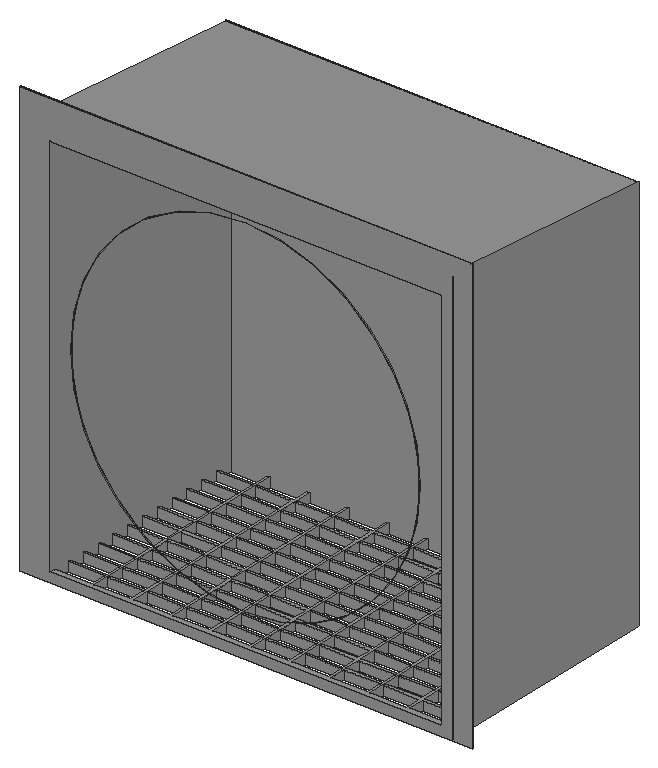
Revit family "Weather Protection Cowl Ø315", category Air Terminals, Revit 2019
Family settings
  Round Connector Dimension = Use Diameter
  Part Type = Normal
  Work Plane-Based = No
  Always vertical = Yes
  Cut with Voids When Loaded = No
  Shared = No
  Room Calculation Point = No
Parameters
  URL = "https://www.airmaster-as.com/en/products/accessories/fa%C3%A7ade-grill/"
  Model = "Weather Protection Cowl Ø315"
  Manufacturer = "Airmaster A/S"
  Description = "Storm cap can be used when the supply and exhaust are particularly exposed to wind."
Reference planes
  plane 1 "Center (Front/Back)": y = 0
  plane 2: z = 0
  plane 3 "Center (Left/Right)": x = 0
Forms (mm)
  Extrusion 1, void
    sketch origin (0.356, 0, -183.357) x (0, 0, -1) y (-1, 0, 0)
      loop
        line (-8.357, -173.319) -> (-8.357, 174.031) -> (-350.857, 174.031) -> (-350.857, -173.319) -> (-8.357, -173.319)
    from 0 to 200.202
  Extrusion 2, solid, material "Wall Cvover"
    sketch origin (0.356, -75, -6.857) x (0, 1, 0) y (0, 0, 1)
      loop
        line (75.902, 194.445) -> (75.902, 208.022) -> (75, 208.022) -> (75, -176.5) -> (280.969, -176.5)
        arc (280.969, -176.5) -> (281.677, -176.207) -> (281.969, -175.5) r 1
        line (281.969, -175.5) -> (281.969, 175.5)
        arc (281.969, 175.5) -> (281.707, 176.176) -> (281.057, 176.496) r 1
        line (281.057, 176.496) -> (75.902, 194.445)
    from -200.5 to 200.5
  Extrusion 3, void
    sketch origin (0.356, 0, -183.357) x (0, 0, -1) y (-1, 0, 0)
      loop
        line (-8.357, -173.319) -> (-8.357, 174.031) -> (-350.857, 174.031) -> (-350.857, -173.319) -> (-8.357, -173.319)
    from 0 to 200.202
  Extrusion 4, solid, material "Wall Cvover"
    sketch origin (0.356, -75, -6.857) x (0, 1, 0) y (0, 0, 1)
      loop
        line (75.902, 194.445) -> (75.902, 208.022) -> (75, 208.022) -> (75, -176.5) -> (280.969, -176.5)
        arc (280.969, -176.5) -> (281.677, -176.207) -> (281.969, -175.5) r 1
        line (281.969, -175.5) -> (281.969, 175.5)
        arc (281.969, 175.5) -> (281.707, 176.176) -> (281.057, 176.496) r 1
        line (281.057, 176.496) -> (75.902, 194.445)
    from -200.5 to 200.5
  Extrusion 5, void
    sketch origin (0.356, 205.969, -6.857) x (0, 1, 0) y (-1, 0, 0)
      loop
        line (-5.768, 174.031) -> (-20.168, 174.031) -> (-20.168, 141.231) -> (-5.768, 141.231) -> (-5.768, 174.031)
      loop
        line (-5.768, 139.081) -> (-20.168, 139.081) -> (-20.168, 106.281) -> (-5.768, 106.281) -> (-5.768, 139.081)
      loop
        line (-5.768, 104.131) -> (-20.168, 104.131) -> (-20.168, 71.331) -> (-5.768, 71.331) -> (-5.768, 104.131)
      loop
        line (-5.768, 69.181) -> (-20.168, 69.181) -> (-20.168, 36.381) -> (-5.768, 36.381) -> (-5.768, 69.181)
      loop
        line (-5.768, 34.231) -> (-20.168, 34.231) -> (-20.168, 1.431) -> (-5.768, 1.431) -> (-5.768, 34.231)
      loop
        line (-5.768, -0.719) -> (-20.168, -0.719) -> (-20.168, -33.519) -> (-5.768, -33.519) -> (-5.768, -0.719)
      loop
        line (-5.768, -35.669) -> (-20.168, -35.669) -> (-20.168, -68.469) -> (-5.768, -68.469) -> (-5.768, -35.669)
      loop
        line (-5.768, -70.619) -> (-20.168, -70.619) -> (-20.168, -103.419) -> (-5.768, -103.419) -> (-5.768, -70.619)
      loop
        line (-5.768, -105.569) -> (-20.168, -105.569) -> (-20.168, -138.369) -> (-5.768, -138.369) -> (-5.768, -105.569)
      loop
        line (-5.768, -140.519) -> (-20.168, -140.519) -> (-20.168, -173.319) -> (-5.768, -173.319) -> (-5.768, -140.519)
      loop
        line (-22.168, 174.031) -> (-36.568, 174.031) -> (-36.568, 141.231) -> (-22.168, 141.231) -> (-22.168, 174.031)
      loop
        line (-22.168, 139.081) -> (-36.568, 139.081) -> (-36.568, 106.281) -> (-22.168, 106.281) -> (-22.168, 139.081)
      loop
        line (-22.168, 104.131) -> (-36.568, 104.131) -> (-36.568, 71.331) -> (-22.168, 71.331) -> (-22.168, 104.131)
      loop
        line (-22.168, 69.181) -> (-36.568, 69.181) -> (-36.568, 36.381) -> (-22.168, 36.381) -> (-22.168, 69.181)
      loop
        line (-22.168, 34.231) -> (-36.568, 34.231) -> (-36.568, 1.431) -> (-22.168, 1.431) -> (-22.168, 34.231)
      loop
        line (-22.168, -0.719) -> (-36.568, -0.719) -> (-36.568, -33.519) -> (-22.168, -33.519) -> (-22.168, -0.719)
      loop
        line (-22.168, -35.669) -> (-36.568, -35.669) -> (-36.568, -68.469) -> (-22.168, -68.469) -> (-22.168, -35.669)
      loop
        line (-22.168, -70.619) -> (-36.568, -70.619) -> (-36.568, -103.419) -> (-22.168, -103.419) -> (-22.168, -70.619)
      loop
        line (-22.168, -105.569) -> (-36.568, -105.569) -> (-36.568, -138.369) -> (-22.168, -138.369) -> (-22.168, -105.569)
      loop
        line (-22.168, -140.519) -> (-36.568, -140.519) -> (-36.568, -173.319) -> (-22.168, -173.319) -> (-22.168, -140.519)
      loop
        line (-38.568, 174.031) -> (-52.968, 174.031) -> (-52.968, 141.231) -> (-38.568, 141.231) -> (-38.568, 174.031)
      loop
        line (-38.568, 139.081) -> (-52.968, 139.081) -> (-52.968, 106.281) -> (-38.568, 106.281) -> (-38.568, 139.081)
      loop
        line (-38.568, 104.131) -> (-52.968, 104.131) -> (-52.968, 71.331) -> (-38.568, 71.331) -> (-38.568, 104.131)
      loop
        line (-38.568, 69.181) -> (-52.968, 69.181) -> (-52.968, 36.381) -> (-38.568, 36.381) -> (-38.568, 69.181)
      loop
        line (-38.568, 34.231) -> (-52.968, 34.231) -> (-52.968, 1.431) -> (-38.568, 1.431) -> (-38.568, 34.231)
      loop
        line (-38.568, -0.719) -> (-52.968, -0.719) -> (-52.968, -33.519) -> (-38.568, -33.519) -> (-38.568, -0.719)
      loop
        line (-38.568, -35.669) -> (-52.968, -35.669) -> (-52.968, -68.469) -> (-38.568, -68.469) -> (-38.568, -35.669)
      loop
        line (-38.568, -70.619) -> (-52.968, -70.619) -> (-52.968, -103.419) -> (-38.568, -103.419) -> (-38.568, -70.619)
      loop
        line (-38.568, -105.569) -> (-52.968, -105.569) -> (-52.968, -138.369) -> (-38.568, -138.369) -> (-38.568, -105.569)
      loop
        line (-38.568, -140.519) -> (-52.968, -140.519) -> (-52.968, -173.319) -> (-38.568, -173.319) -> (-38.568, -140.519)
      loop
        line (-54.968, 174.031) -> (-69.368, 174.031) -> (-69.368, 141.231) -> (-54.968, 141.231) -> (-54.968, 174.031)
      loop
        line (-54.968, 139.081) -> (-69.368, 139.081) -> (-69.368, 106.281) -> (-54.968, 106.281) -> (-54.968, 139.081)
      loop
        line (-54.968, 104.131) -> (-69.368, 104.131) -> (-69.368, 71.331) -> (-54.968, 71.331) -> (-54.968, 104.131)
      loop
        line (-54.968, 69.181) -> (-69.368, 69.181) -> (-69.368, 36.381) -> (-54.968, 36.381) -> (-54.968, 69.181)
      loop
        line (-54.968, 34.231) -> (-69.368, 34.231) -> (-69.368, 1.431) -> (-54.968, 1.431) -> (-54.968, 34.231)
      loop
        line (-54.968, -0.719) -> (-69.368, -0.719) -> (-69.368, -33.519) -> (-54.968, -33.519) -> (-54.968, -0.719)
      loop
        line (-54.968, -35.669) -> (-69.368, -35.669) -> (-69.368, -68.469) -> (-54.968, -68.469) -> (-54.968, -35.669)
      loop
        line (-54.968, -70.619) -> (-69.368, -70.619) -> (-69.368, -103.419) -> (-54.968, -103.419) -> (-54.968, -70.619)
      loop
        line (-54.968, -105.569) -> (-69.368, -105.569) -> (-69.368, -138.369) -> (-54.968, -138.369) -> (-54.968, -105.569)
      loop
        line (-54.968, -140.519) -> (-69.368, -140.519) -> (-69.368, -173.319) -> (-54.968, -173.319) -> (-54.968, -140.519)
      loop
        line (-71.368, 174.031) -> (-85.768, 174.031) -> (-85.768, 141.231) -> (-71.368, 141.231) -> (-71.368, 174.031)
      loop
        line (-71.368, 139.081) -> (-85.768, 139.081) -> (-85.768, 106.281) -> (-71.368, 106.281) -> (-71.368, 139.081)
      loop
        line (-71.368, 104.131) -> (-85.768, 104.131) -> (-85.768, 71.331) -> (-71.368, 71.331) -> (-71.368, 104.131)
      loop
        line (-71.368, 69.181) -> (-85.768, 69.181) -> (-85.768, 36.381) -> (-71.368, 36.381) -> (-71.368, 69.181)
      loop
        line (-71.368, 34.231) -> (-85.768, 34.231) -> (-85.768, 1.431) -> (-71.368, 1.431) -> (-71.368, 34.231)
      loop
        line (-71.368, -0.719) -> (-85.768, -0.719) -> (-85.768, -33.519) -> (-71.368, -33.519) -> (-71.368, -0.719)
      loop
        line (-71.368, -35.669) -> (-85.768, -35.669) -> (-85.768, -68.469) -> (-71.368, -68.469) -> (-71.368, -35.669)
      loop
        line (-71.368, -70.619) -> (-85.768, -70.619) -> (-85.768, -103.419) -> (-71.368, -103.419) -> (-71.368, -70.619)
      loop
        line (-71.368, -105.569) -> (-85.768, -105.569) -> (-85.768, -138.369) -> (-71.368, -138.369) -> (-71.368, -105.569)
      loop
        line (-71.368, -140.519) -> (-85.768, -140.519) -> (-85.768, -173.319) -> (-71.368, -173.319) -> (-71.368, -140.519)
      loop
        line (-87.768, 174.031) -> (-102.168, 174.031) -> (-102.168, 141.231) -> (-87.768, 141.231) -> (-87.768, 174.031)
      loop
        line (-87.768, 139.081) -> (-102.168, 139.081) -> (-102.168, 106.281) -> (-87.768, 106.281) -> (-87.768, 139.081)
      loop
        line (-87.768, 104.131) -> (-102.168, 104.131) -> (-102.168, 71.331) -> (-87.768, 71.331) -> (-87.768, 104.131)
      loop
        line (-87.768, 69.181) -> (-102.168, 69.181) -> (-102.168, 36.381) -> (-87.768, 36.381) -> (-87.768, 69.181)
      loop
        line (-87.768, 34.231) -> (-102.168, 34.231) -> (-102.168, 1.431) -> (-87.768, 1.431) -> (-87.768, 34.231)
      loop
        line (-87.768, -0.719) -> (-102.168, -0.719) -> (-102.168, -33.519) -> (-87.768, -33.519) -> (-87.768, -0.719)
      loop
        line (-87.768, -35.669) -> (-102.168, -35.669) -> (-102.168, -68.469) -> (-87.768, -68.469) -> (-87.768, -35.669)
      loop
        line (-87.768, -70.619) -> (-102.168, -70.619) -> (-102.168, -103.419) -> (-87.768, -103.419) -> (-87.768, -70.619)
      loop
        line (-87.768, -105.569) -> (-102.168, -105.569) -> (-102.168, -138.369) -> (-87.768, -138.369) -> (-87.768, -105.569)
      loop
        line (-87.768, -140.519) -> (-102.168, -140.519) -> (-102.168, -173.319) -> (-87.768, -173.319) -> (-87.768, -140.519)
      loop
        line (-104.168, 174.031) -> (-118.568, 174.031) -> (-118.568, 141.231) -> (-104.168, 141.231) -> (-104.168, 174.031)
      loop
        line (-104.168, 139.081) -> (-118.568, 139.081) -> (-118.568, 106.281) -> (-104.168, 106.281) -> (-104.168, 139.081)
      loop
        line (-104.168, 104.131) -> (-118.568, 104.131) -> (-118.568, 71.331) -> (-104.168, 71.331) -> (-104.168, 104.131)
      loop
        line (-104.168, 69.181) -> (-118.568, 69.181) -> (-118.568, 36.381) -> (-104.168, 36.381) -> (-104.168, 69.181)
      loop
        line (-104.168, 34.231) -> (-118.568, 34.231) -> (-118.568, 1.431) -> (-104.168, 1.431) -> (-104.168, 34.231)
      loop
        line (-104.168, -0.719) -> (-118.568, -0.719) -> (-118.568, -33.519) -> (-104.168, -33.519) -> (-104.168, -0.719)
      loop
        line (-104.168, -35.669) -> (-118.568, -35.669) -> (-118.568, -68.469) -> (-104.168, -68.469) -> (-104.168, -35.669)
      loop
        line (-104.168, -70.619) -> (-118.568, -70.619) -> (-118.568, -103.419) -> (-104.168, -103.419) -> (-104.168, -70.619)
      loop
        line (-104.168, -105.569) -> (-118.568, -105.569) -> (-118.568, -138.369) -> (-104.168, -138.369) -> (-104.168, -105.569)
      loop
        line (-104.168, -140.519) -> (-118.568, -140.519) -> (-118.568, -173.319) -> (-104.168, -173.319) -> (-104.168, -140.519)
      loop
        line (-120.568, 174.031) -> (-134.968, 174.031) -> (-134.968, 141.231) -> (-120.568, 141.231) -> (-120.568, 174.031)
      loop
        line (-120.568, 139.081) -> (-134.968, 139.081) -> (-134.968, 106.281) -> (-120.568, 106.281) -> (-120.568, 139.081)
      loop
        line (-120.568, 104.131) -> (-134.968, 104.131) -> (-134.968, 71.331) -> (-120.568, 71.331) -> (-120.568, 104.131)
      loop
        line (-120.568, 69.181) -> (-134.968, 69.181) -> (-134.968, 36.381) -> (-120.568, 36.381) -> (-120.568, 69.181)
      loop
        line (-120.568, 34.231) -> (-134.968, 34.231) -> (-134.968, 1.431) -> (-120.568, 1.431) -> (-120.568, 34.231)
      loop
        line (-120.568, -0.719) -> (-134.968, -0.719) -> (-134.968, -33.519) -> (-120.568, -33.519) -> (-120.568, -0.719)
      loop
        line (-120.568, -35.669) -> (-134.968, -35.669) -> (-134.968, -68.469) -> (-120.568, -68.469) -> (-120.568, -35.669)
      loop
        line (-120.568, -70.619) -> (-134.968, -70.619) -> (-134.968, -103.419) -> (-120.568, -103.419) -> (-120.568, -70.619)
      loop
        line (-120.568, -105.569) -> (-134.968, -105.569) -> (-134.968, -138.369) -> (-120.568, -138.369) -> (-120.568, -105.569)
      loop
        line (-120.568, -140.519) -> (-134.968, -140.519) -> (-134.968, -173.319) -> (-120.568, -173.319) -> (-120.568, -140.519)
      loop
        line (-136.968, 174.031) -> (-151.368, 174.031) -> (-151.368, 141.231) -> (-136.968, 141.231) -> (-136.968, 174.031)
      loop
        line (-136.968, 139.081) -> (-151.368, 139.081) -> (-151.368, 106.281) -> (-136.968, 106.281) -> (-136.968, 139.081)
      loop
        line (-136.968, 104.131) -> (-151.368, 104.131) -> (-151.368, 71.331) -> (-136.968, 71.331) -> (-136.968, 104.131)
      loop
        line (-136.968, 69.181) -> (-151.368, 69.181) -> (-151.368, 36.381) -> (-136.968, 36.381) -> (-136.968, 69.181)
      loop
        line (-136.968, 34.231) -> (-151.368, 34.231) -> (-151.368, 1.431) -> (-136.968, 1.431) -> (-136.968, 34.231)
      loop
        line (-136.968, -0.719) -> (-151.368, -0.719) -> (-151.368, -33.519) -> (-136.968, -33.519) -> (-136.968, -0.719)
      loop
        line (-136.968, -35.669) -> (-151.368, -35.669) -> (-151.368, -68.469) -> (-136.968, -68.469) -> (-136.968, -35.669)
      loop
        line (-136.968, -70.619) -> (-151.368, -70.619) -> (-151.368, -103.419) -> (-136.968, -103.419) -> (-136.968, -70.619)
      loop
        line (-136.968, -105.569) -> (-151.368, -105.569) -> (-151.368, -138.369) -> (-136.968, -138.369) -> (-136.968, -105.569)
      loop
        line (-136.968, -140.519) -> (-151.368, -140.519) -> (-151.368, -173.319) -> (-136.968, -173.319) -> (-136.968, -140.519)
      loop
        line (-153.368, 174.031) -> (-167.768, 174.031) -> (-167.768, 141.231) -> (-153.368, 141.231) -> (-153.368, 174.031)
      loop
        line (-153.368, 139.081) -> (-167.768, 139.081) -> (-167.768, 106.281) -> (-153.368, 106.281) -> (-153.368, 139.081)
      loop
        line (-153.368, 104.131) -> (-167.768, 104.131) -> (-167.768, 71.331) -> (-153.368, 71.331) -> (-153.368, 104.131)
      loop
        line (-153.368, 69.181) -> (-167.768, 69.181) -> (-167.768, 36.381) -> (-153.368, 36.381) -> (-153.368, 69.181)
      loop
        line (-153.368, 34.231) -> (-167.768, 34.231) -> (-167.768, 1.431) -> (-153.368, 1.431) -> (-153.368, 34.231)
      loop
        line (-153.368, -0.719) -> (-167.768, -0.719) -> (-167.768, -33.519) -> (-153.368, -33.519) -> (-153.368, -0.719)
      loop
        line (-153.368, -35.669) -> (-167.768, -35.669) -> (-167.768, -68.469) -> (-153.368, -68.469) -> (-153.368, -35.669)
      loop
        line (-153.368, -70.619) -> (-167.768, -70.619) -> (-167.768, -103.419) -> (-153.368, -103.419) -> (-153.368, -70.619)
      loop
        line (-153.368, -105.569) -> (-167.768, -105.569) -> (-167.768, -138.369) -> (-153.368, -138.369) -> (-153.368, -105.569)
      loop
        line (-153.368, -140.519) -> (-167.768, -140.519) -> (-167.768, -173.319) -> (-153.368, -173.319) -> (-153.368, -140.519)
      loop
        line (-169.768, 174.031) -> (-184.168, 174.031) -> (-184.168, 141.231) -> (-169.768, 141.231) -> (-169.768, 174.031)
      loop
        line (-169.768, 139.081) -> (-184.168, 139.081) -> (-184.168, 106.281) -> (-169.768, 106.281) -> (-169.768, 139.081)
      loop
        line (-169.768, 104.131) -> (-184.168, 104.131) -> (-184.168, 71.331) -> (-169.768, 71.331) -> (-169.768, 104.131)
      loop
        line (-169.768, 69.181) -> (-184.168, 69.181) -> (-184.168, 36.381) -> (-169.768, 36.381) -> (-169.768, 69.181)
      loop
        line (-169.768, 34.231) -> (-184.168, 34.231) -> (-184.168, 1.431) -> (-169.768, 1.431) -> (-169.768, 34.231)
      loop
        line (-169.768, -0.719) -> (-184.168, -0.719) -> (-184.168, -33.519) -> (-169.768, -33.519) -> (-169.768, -0.719)
      loop
        line (-169.768, -35.669) -> (-184.168, -35.669) -> (-184.168, -68.469) -> (-169.768, -68.469) -> (-169.768, -35.669)
      loop
        line (-169.768, -70.619) -> (-184.168, -70.619) -> (-184.168, -103.419) -> (-169.768, -103.419) -> (-169.768, -70.619)
      loop
        line (-169.768, -105.569) -> (-184.168, -105.569) -> (-184.168, -138.369) -> (-169.768, -138.369) -> (-169.768, -105.569)
      loop
        line (-169.768, -140.519) -> (-184.168, -140.519) -> (-184.168, -173.319) -> (-169.768, -173.319) -> (-169.768, -140.519)
      loop
        line (-186.168, 174.031) -> (-200.568, 174.031) -> (-200.568, 141.231) -> (-186.168, 141.231) -> (-186.168, 174.031)
      loop
        line (-186.168, 139.081) -> (-200.568, 139.081) -> (-200.568, 106.281) -> (-186.168, 106.281) -> (-186.168, 139.081)
      loop
        line (-186.168, 104.131) -> (-200.568, 104.131) -> (-200.568, 71.331) -> (-186.168, 71.331) -> (-186.168, 104.131)
      loop
        line (-186.168, 69.181) -> (-200.568, 69.181) -> (-200.568, 36.381) -> (-186.168, 36.381) -> (-186.168, 69.181)
      loop
        line (-186.168, 34.231) -> (-200.568, 34.231) -> (-200.568, 1.431) -> (-186.168, 1.431) -> (-186.168, 34.231)
      loop
        line (-186.168, -0.719) -> (-200.568, -0.719) -> (-200.568, -33.519) -> (-186.168, -33.519) -> (-186.168, -0.719)
      loop
        line (-186.168, -35.669) -> (-200.568, -35.669) -> (-200.568, -68.469) -> (-186.168, -68.469) -> (-186.168, -35.669)
      loop
        line (-186.168, -70.619) -> (-200.568, -70.619) -> (-200.568, -103.419) -> (-186.168, -103.419) -> (-186.168, -70.619)
      loop
        line (-186.168, -105.569) -> (-200.568, -105.569) -> (-200.568, -138.369) -> (-186.168, -138.369) -> (-186.168, -105.569)
      loop
        line (-186.168, -140.519) -> (-200.568, -140.519) -> (-200.568, -173.319) -> (-186.168, -173.319) -> (-186.168, -140.519)
    from -213.017 to -139.25
  Extrusion 6, void
    sketch origin (-124.644, -75, -6.857) x (1, 0, 0) y (0, 1, 0)
      loop
        line (-57.831, 282.902) -> (307.169, 282.902) -> (307.169, 76.402)
        arc (307.169, 76.402) -> (307.316, 76.048) -> (307.669, 75.902) r 0.5
        line (307.669, 75.902) -> (325.169, 75.902) -> (331.928, 75.902) -> (331.928, 316.402) -> (-75.831, 316.402) -> (-75.831, 75.902) -> (-58.331, 75.902)
        arc (-58.331, 75.902) -> (-57.977, 76.048) -> (-57.831, 76.402) r 0.5
        line (-57.831, 76.402) -> (-57.831, 282.902)
    from -218.131 to 401
  Extrusion 7, solid, material "DUCT"
    sketch origin (0.356, 0, -183.357) x (0, 0, 1) y (-1, 0, 0)
      loop
        circle (192.261, 0) r 155
    from 0 to 1
Cuts and joins
  Extrusion 3, Extrusion 5, Extrusion 6 cuts Extrusion 2
  Extrusion 1, Extrusion 5, Extrusion 6 cuts Extrusion 4
Dimensions and locks
  Extrusion 2 to Extrusion 2 = 401 mm
  Extrusion 4 to Extrusion 4 = 401 mm
  aligned and locked: level to plane 2
Connectors
  hvac at (0.356, 0, 8.904)
    settings: on Extrusion 7, index 1, duct flow 0.0 L/s, flow factor 0, pres drop 0.0 Pa, loss coef 0, conn angle 0.00°, conn width 304.8 mm, conn height 304.8 mm, conn diameter 315 mm, duct sys type 29, conn prof type 0, flow config 0, flow direction 0, loss method 0, conn ref index -1, conn util no, is conn primary yes, conn desc ""
